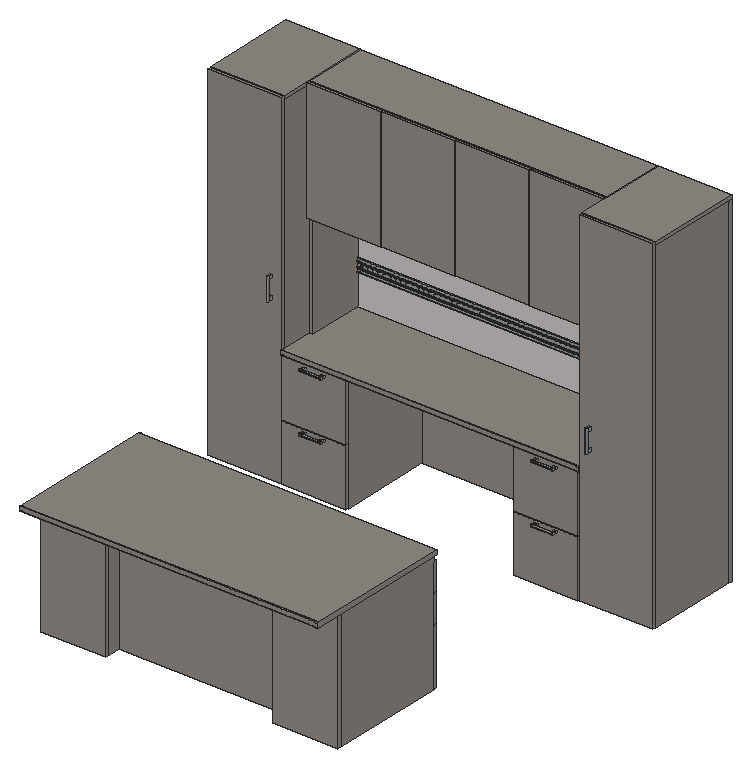
Revit family "JSI-Vision-Typical_Veneer-VSV104", category Furniture, Revit 2020
Family settings
  OmniClass Number = 23.40.20.00
  OmniClass Title = General Furniture and Specialties
  Work Plane-Based = No
  Always vertical = Yes
  Cut with Voids When Loaded = No
  Shared = No
  Room Calculation Point = No
Parameters (values of type "VST104")
  URL = "www.jsifurniture.com"
  Type Comments = "Typical Laminate"  # constant formula
  Model = "VST104"
  Manufacturer = "JSI"  # constant formula
  Keynote = "12500"
  Default Elevation = 0"
  Assembly Code = "E2020200"
Reference planes (in)
  plane 1 "Center Front/Back": y = 0
  plane 2: z = 0
  plane 3 "Center Left/Right": x = 0
Dimensions and locks (in)
  aligned and locked: level to plane 2
Nested families (in)
  nested 1: "JSI-Vision-Storage_Cabinet" at (89.875, 0, 0), type "VSV2418-84HR, Veneer 84" H Strg Cab24" x 18""
    with Width 17.88", Unit Centre 8.8775", Shelve Width 16.255", Actual Width 17.755"
  nested 2: "JSI-Vision-Double_Height_Overhead_Cabinets" at (17.875, 0, -0.81041), type "VSV1672DSO -  Veneer Dbl H OH Cabinet 16" x 72" -  4 Doors"
    with Verticall Partition Distance 35 3/4", Unit Centre 36", Width 72", Door Width Actual 17 25/32", Door Array Spacing 17 29/32", Door Width 17 25/32", # of Doors 4
  nested 3: "JSI-Vision-Accessory_Rail" at (17.9375, 0.22625, -4.56041), type "VSB72AR, Accessory Rail for 72" W Storage Overhead Cabinet"
    with Width 70 1/8"
  nested 4: "JSI-Vision-Tackboard_For_Accessory_Rail" at (17.9375, 0, -4.56041), type "VSB7223TKA, Tackboard for Accessory Rail Overhead Cabinet"
    with Width 70 1/8"
  nested 5: "JSI-Vision-Wardrobe" at (0, 0, 0), type "VSV2418-84WL - Wardrobe - 1 Doors 30"W x 24"D x 84"H"
    with Vertical Partition no, Width 18", Unit Centre 8 15/16", Shelve Width 7 13/16", Right surface Dist. to Vertical Partition 3/4", Right Door no, Pull Distance 15 1/4", Left Shelves no, Door Width 17 3/4", Bottom-Right Shelves yes, Actual Width 17 7/8"
  nested 6: "JSI-Vision-Kneespace_Credenza" at (17.875, -0.125, 0), type "VSV2472KC, Veneer Kneespace Credenza 24" x 72""
    with Height 29.187"
  nested 7: "JSI-Vision-Double_Pedestal_Desk-Break_Front_Modesty" at (53.81087, -92.15852, 0) x (-1, 0, 0) z (0, 0, 1), type "VSV3672DD, Veneer 36 x 72 Dbl Ped, Brk Frnt Modesty"
    with Height 30"
Definition of nested family "JSI-Vision-Storage_Cabinet"
  Parameters (values of type "Type Catalog")
    Top = none
    Width = 18"
    Unit Centre = Actual Width / 2  # 8 15/16"
    URL = "www.jsifurniture.com"
    Type Comments = ""
    Tag = "Type Catalog"
    Shelve Width = Actual Width - 1 1/2"  # 16 3/8"
    Shelve Depth = Actual Depth - 1 11/16"  # 21 5/16"
    Series = "Vision Casegoods"  # constant formula
    Pull Position = 36"
    Pull Finish = none
    Pull Distance = if(HRL, (Actual Width - 2 5/8"), 2 1/2")  # 2 1/2"
    Model = "Type Catalog"
    Material = ""
    Manufacturer = "JSI"  # constant formula
    Keynote = "12500"  # constant formula
    JSI Enviromental Website = "http://www.jsifurniture.com/jsi_sustainability_intro.php"
    Height = 84"
    HRL = no
    Fix Shelve = 14 3/4"  # constant formula
    Door Front = none
    Description = "Type Catalog"
    Depth = 24"
    Default Elevation = 0"
    Chassis = none
    Bottom Adjustable Shelve = Fix Shelve * 2  # 29 1/2"
    Assembly Code = "E2020200"
    Adjustable Shelves Array Distance = if(Height > 42", ((Height - 3 3/4" - (Fix Shelve * 2)) / (# of Adjustable Shelves)), 0")  # 12 11/16"
    Actual Width = Width - 1/8"  # 17 7/8"
    Actual Height = if(Height > 54", (Height - 5/16"), (if(Height > 42", (Height + 1 1/8"), if(Height > 30", (Height - 3/8"), (Height - 13/16")))))  # 83 11/16"
    Actual Depth = Depth - 1"  # 23"
    # of Adjustable Shelves = if(Height > 72", 4, (if(Height > 57", 3, 2)))  # 4
  Reference planes (in)
    plane 1 "Center Front/Back": y = 0
    plane 2: z = 0
    plane 3 "Center Left/Right": x = 0
    plane 4: z = 0
    plane 5: x = 17.875
    plane 6: y = -0.125
    plane 7: y = -23.125
    plane 8: z = 83.6875
    plane 9: y = -0.875
    plane 10: y = -22.9375
    plane 11: y = -22.1875
    plane 12: x = 0.75
    plane 13: x = 17.125
    plane 14: z = 1.1875
    plane 15: z = 1.9375
    plane 16: z = 82.9375
    plane 17: z = 83.3125
    plane 18: z = 17.0625
    plane 19: z = 32.5625
    plane 20: z = 42.625
    plane 21: z = 56.1875
    plane 22: z = 69.75
    plane 23: z = 70.125
    plane 24: z = 69.375
    plane 25: z = 56.5625
    plane 26: z = 55.8125
    plane 27: z = 43
    plane 28: z = 42.25
    plane 29: z = 32.9375
    plane 30: z = 32.1875
    plane 31: z = 17.4375
    plane 32: z = 16.6875
    plane 33: x = 8.9375
    plane 34: x = 0.0625
    plane 35: x = 17.8125
    plane 36: x = 9
    plane 37: x = 8.875
    plane 38: z = 1.03125
    plane 39: y = -23.25
    plane 40: y = -24
    plane 41: x = 2.5625
    plane 42: z = 30.9375
    plane 43: z = 83.625
    plane 44: z = 36
    plane 45: y = -23
  Forms (in)
    Extrusion 1, solid, material <- "Chassis"
      sketch origin (0, 0, 0) x (1, 0, 0) y (0, 1, 0)
        loop
          line (0, -0.125) -> (0, -0.875) -> (17.875, -0.875) -> (17.875, -0.125) -> (0, -0.125)
      from 0 to 82.9375
    Extrusion 2, solid, material <- "Chassis"
      sketch origin (0, 0, 0) x (1, 0, 0) y (0, 1, 0)
        loop
          line (0, -0.875) -> (0, -23.125) -> (0.75, -23.125) -> (0.75, -0.875) -> (0, -0.875)
      from 0 to 82.9375
    Extrusion 3, solid, material <- "Chassis"
      sketch origin (0, 0, 0) x (1, 0, 0) y (0, 1, 0)
        loop
          line (17.125, -0.875) -> (17.125, -23.125) -> (17.875, -23.125) -> (17.875, -0.875) -> (17.125, -0.875)
      from 0 to 82.9375
    Extrusion 4, solid, material <- "Top"
      sketch origin (0, 0, 0) x (0, 1, 0) y (0, 0, 1)
        loop
          line (-0.125, 83.6875) -> (-23.125, 83.6875) -> (-23.125, 82.9375) -> (-0.125, 82.9375) -> (-0.125, 83.6875)
      from 0 to 17.875
    Extrusion 5, solid, material <- "Chassis"
      sketch origin (0, 0, 0) x (0, 1, 0) y (0, 0, 1)
        loop
          line (-0.875, 1.9375) -> (-22.1875, 1.9375) -> (-22.1875, 1.1875) -> (-0.875, 1.1875) -> (-0.875, 1.9375)
      from 0.75 to 17.125
    Extrusion 6, solid, material <- "Chassis"
      sketch origin (0, 0, 0) x (0, 1, 0) y (0, 0, 1)
        loop
          line (-22.1875, 1.9375) -> (-22.9375, 1.9375) -> (-22.9375, 0) -> (-22.1875, 0) -> (-22.1875, 1.9375)
      from 0.75 to 17.125
    Extrusion 7, solid, material <- "Chassis"
      sketch origin (0, 0, 0) x (1, 0, 0) y (0, 0, 1)
        loop
          line (0.75, 17.4375) -> (0.75, 16.6875) -> (17.125, 16.6875) -> (17.125, 17.4375) -> (0.75, 17.4375)
      from 0.875 to 22.1875
    Extrusion 8, solid, material <- "Chassis"
      sketch origin (-30, -7.5625, 2) x (1, 0, 0) y (0, 0, 1)
        loop
          line (30.75, 29.4375) -> (30.75, 28.6875) -> (47.125, 28.6875) -> (47.125, 29.4375) -> (30.75, 29.4375)
      from -6.6875 to 14.625
    Extrusion 9, solid, material <- "Chassis"
      sketch origin (-30, -7.5625, 14.6875) x (1, 0, 0) y (0, 0, 1)
        loop
          line (30.75, 29.4375) -> (30.75, 28.6875) -> (47.125, 28.6875) -> (47.125, 29.4375) -> (30.75, 29.4375)
      from -6.6875 to 14.625
    Extrusion 10, solid, material <- "Door Front"
      sketch origin (0, 0, 0) x (1, 0, 0) y (0, 1, 0)
        loop
          line (0.0625, -23.25) -> (0.0625, -24) -> (17.8125, -24) -> (17.8125, -23.25) -> (0.0625, -23.25)
      from 0.125 to 83.625
    Extrusion 11, solid, material <- "Chassis"
      sketch origin (-30, -7.5625, 27.375) x (1, 0, 0) y (0, 0, 1)
        loop
          line (30.75, 29.4375) -> (30.75, 28.6875) -> (47.125, 28.6875) -> (47.125, 29.4375) -> (30.75, 29.4375)
      from -6.6875 to 14.625
    Extrusion 12, solid, material <- "Chassis"
      sketch origin (-30, -7.5625, 40.0625) x (1, 0, 0) y (0, 0, 1)
        loop
          line (30.75, 29.4375) -> (30.75, 28.6875) -> (47.125, 28.6875) -> (47.125, 29.4375) -> (30.75, 29.4375)
      from -6.6875 to 14.625
  Lines and regions (in)
    symbolic lines
      curve 1: line (17.875, -0.125, 0) -> (0, -0.125, 0)
      curve 2: line (0, -0.125, 0) -> (0, -23.125, 0)
      curve 3: line (0, -23.125, 0) -> (17.875, -23.125, 0)
      curve 4: line (17.875, -23.125, 0) -> (17.875, -0.125, 0)
      curve 5: line (17.8125, -24, 0) -> (17.8125, -23.25, 0)
      curve 6: line (17.8125, -23.25, 0) -> (0.0625, -23.25, 0)
      curve 7: line (0.0625, -24, 0) -> (17.8125, -24, 0)
      curve 8: line (0.0625, -23.25, 0) -> (0.0625, -24, 0)
  Dimensions and locks (in)
    locked: plane 6 to plane 1 "Center Front/Back" at 0.125
    plane 7 to plane 10 to plane 11 = 3/16" locked, 3/4" locked
    locked: plane 3 "Center Left/Right" to plane 12 at 0.75
    locked: plane 13 to plane 5 at 0.75
    plane 15 to plane 14 to plane 4 = 3/4" locked, 1 3/16" locked
    locked: plane 8 to plane 16 at 0.75
    locked: plane 17 to plane 16 at 0.375
    plane 23 to plane 22 to plane 24 = 3/8" locked, 3/8" locked
    plane 25 to plane 21 to plane 26 = 3/8" locked, 3/8" locked
    plane 27 to plane 20 to plane 28 = 3/8" locked, 3/8" locked
    plane 29 to plane 19 to plane 30 = 3/8" locked, 3/8" locked
    plane 31 to plane 18 to plane 32 = 3/8" locked, 3/8" locked
    "Fix Shelve": plane 32 to plane 15
    equal spacing: plane 30, plane 18, plane 15
    "Actual Width": plane 3 "Center Left/Right" to plane 5
    equal spacing: group 1, group 2, group 3, group 4  (x3)
    "Adjustable Shelves Array Distance": Extrusion 9 to Extrusion 8
    "Bottom Adjustable Shelve": Extrusion 8 to plane 15
    "Shelve Width": Extrusion 8 sketch curve to Extrusion 8 sketch curve
    "Shelve Width": Extrusion 9 sketch curve to Extrusion 9 sketch curve
    "Unit Centre": plane 3 "Center Left/Right" to plane 33
    "Actual Height": plane 8 to plane 4
    locked: plane 3 "Center Left/Right" to plane 34 at 0.0625
    plane 37 to plane 33 to plane 36 = 1/16" locked, 1/16" locked
    locked: plane 35 to plane 5 at 0.0625
    locked: plane 14 to plane 38 at 0.15625
    plane 40 to plane 39 to plane 7 = 3/4" locked, 1/8" locked
    locked: plane 29 to plane 42 at 2
    locked: plane 8 to plane 43 at 0.0625
    "Pull Position": plane 44 to level
    "Pull Distance": plane 34 to plane 41
    "Shelve Depth": Extrusion 8 to Extrusion 8
    "Actual Depth": plane 7 to plane 6
    "Shelve Depth": Extrusion 9 to Extrusion 9
    "Shelve Width": Extrusion 11 sketch curve to Extrusion 11 sketch curve
    "Shelve Depth": Extrusion 11 to Extrusion 11
    "Shelve Width": Extrusion 12 sketch curve to Extrusion 12 sketch curve
    "Shelve Depth": Extrusion 12 to Extrusion 12
    locked: plane 4 to Extrusion 10 at 0.125
    aligned and locked: level to plane 2
    aligned and locked: plane 6 to Extrusion 1 sketch curve
    aligned and locked: Extrusion 1 sketch curve to plane 9
    aligned and locked: Extrusion 1 sketch curve to plane 5
    aligned and locked: plane 3 "Center Left/Right" to Extrusion 1 sketch curve
    aligned and locked: Extrusion 1 to plane 4
    aligned and locked: plane 16 to Extrusion 1
    aligned and locked: plane 3 "Center Left/Right" to Extrusion 2 sketch curve
    aligned and locked: Extrusion 2 sketch curve to plane 12
    aligned and locked: Extrusion 2 sketch curve to plane 7
    aligned and locked: plane 9 to Extrusion 2 sketch curve
    aligned and locked: plane 13 to Extrusion 3 sketch curve
    aligned and locked: Extrusion 3 sketch curve to plane 5
    aligned and locked: Extrusion 3 sketch curve to plane 7
    aligned and locked: plane 9 to Extrusion 3 sketch curve
    aligned and locked: Extrusion 2 to plane 4
    aligned and locked: Extrusion 3 to plane 4
    aligned and locked: plane 16 to Extrusion 2
    aligned and locked: plane 16 to Extrusion 3
    aligned and locked: plane 16 to Extrusion 4 sketch curve
    aligned and locked: Extrusion 4 sketch curve to plane 8
    aligned and locked: plane 6 to Extrusion 4 sketch curve
    aligned and locked: Extrusion 4 sketch curve to plane 7
    aligned and locked: Extrusion 4 to plane 3 "Center Left/Right"
    aligned and locked: plane 5 to Extrusion 4
    aligned and locked: Extrusion 5 sketch curve to plane 11
    aligned and locked: plane 14 to Extrusion 5 sketch curve
    aligned and locked: Extrusion 5 sketch curve to plane 15
    aligned and locked: plane 9 to Extrusion 5 sketch curve
    aligned and locked: Extrusion 5 to plane 12
    aligned and locked: plane 13 to Extrusion 5
    aligned and locked: plane 11 to Extrusion 6 sketch curve
    aligned and locked: Extrusion 6 sketch curve to plane 10
    aligned and locked: plane 4 to Extrusion 6 sketch curve
    aligned and locked: Extrusion 6 sketch curve to plane 15
    aligned and locked: Extrusion 6 to plane 12
    aligned and locked: plane 13 to Extrusion 6
    aligned and locked: level to plane 4
    aligned and locked: Extrusion 7 sketch curve to plane 31
    aligned and locked: plane 32 to Extrusion 7 sketch curve
    aligned and locked: Extrusion 7 sketch curve to plane 13
    aligned and locked: plane 12 to Extrusion 7 sketch curve
    aligned and locked: Extrusion 7 to plane 9
    aligned and locked: plane 11 to Extrusion 7
    aligned and locked: Extrusion 8 to plane 12
    aligned and locked: Extrusion 9 to plane 12
    aligned and locked: plane 33 to nested 1
    aligned and locked: plane 40 to nested 1
    aligned and locked: plane 39 to Extrusion 10 sketch curve
    aligned and locked: Extrusion 10 sketch curve to plane 40
    aligned and locked: plane 34 to Extrusion 10 sketch curve
    aligned and locked: plane 35 to Extrusion 10
    aligned and locked: plane 43 to Extrusion 10
    aligned and locked: plane 44 to nested 2
    aligned and locked: plane 41 to nested 2
    aligned and locked: plane 40 to nested 2
    aligned and locked: plane 11 to Extrusion 8
    aligned and locked: plane 11 to Extrusion 9
    aligned and locked: curve 1 to Extrusion 4
    aligned and locked: curve 2 to Extrusion 4
    aligned and locked: curve 3 to Extrusion 4
    aligned and locked: curve 4 to Extrusion 4
    aligned and locked: curve 5 to Extrusion 10
    aligned and locked: curve 6 to Extrusion 10
    aligned and locked: curve 7 to Extrusion 10
    aligned and locked: curve 8 to Extrusion 10
  Automatic sketch dimensions
    Extrusion 8 sketch curve to Extrusion 8 sketch curve = 3/4"
    Extrusion 9 sketch curve to Extrusion 9 sketch curve = 3/4"
    plane 37 to Extrusion 10 sketch curve = 8 15/16"
    Extrusion 11 sketch curve to Extrusion 11 sketch curve = 3/4"
    Extrusion 12 sketch curve to Extrusion 12 sketch curve = 3/4"
  Nested families (in)
    nested 1: "Label 1-16 OH" at (8.9375, -24, 0), type "OH DOORS"
    nested 2: "Vertical Bar Pull" at (2.5625, -24, 36), Pull Finish <- "Pull Finish", type "PL"
      with Pull Finish none
  Definition of nested family "Vertical Bar Pull"
    Parameters
      Pull Finish [instance] = none
      Default Elevation = 0"
    Reference planes (in)
      plane 1 "Center Front/Back": y = 0
      plane 2: z = 0
      plane 3 "Center Left/Right": x = 0
      plane 4: x = -2.68731
      plane 5: x = -1.88731
      plane 6: x = 2.68731
      plane 7: x = 1.88731
      plane 8: y = -1
      plane 9: y = -0.85202
      plane 10: z = 2.68731
      plane 11: z = 1.88731
      plane 12: z = -1.88731
      plane 13: z = -2.68731
    Forms (in)
      Extrusion 1, solid, material <- "Pull Finish"
        sketch origin (0, 0, 0) x (0, 1, 0) y (-1, 0, 0)
          loop
            line (0, -0.2015) -> (0, 0.2015) -> (-0.85202, 0.2015)
            arc (-0.85202, 0.2015) -> (-0.75, 0) -> (-0.85202, -0.2015) r 0.25
            line (-0.85202, -0.2015) -> (0, -0.2015)
        from 1.88731 to 2.68731
      Extrusion 2, solid, material <- "Pull Finish"
        sketch origin (0, 0, 0) x (0, 1, 0) y (-1, 0, 0)
          loop
            circle (-1, 0) r 0.25
        from -2.68731 to 2.68731
      Extrusion 3, solid, material <- "Pull Finish"
        sketch origin (0, 0, 0) x (1, 0, 0) y (0, 1, 0)
          loop
            line (0.2015, 0) -> (-0.2015, 0) -> (-0.2015, -0.85202)
            arc (-0.2015, -0.85202) -> (0, -0.75) -> (0.2015, -0.85202) r 0.25
            line (0.2015, -0.85202) -> (0.2015, 0)
        from 1.88731 to 2.68731
      Extrusion 4, solid, material <- "Pull Finish"
        sketch origin (0, 0, -4.57462) x (1, 0, 0) y (0, 1, 0)
          loop
            line (0.2015, 0) -> (-0.2015, 0) -> (-0.2015, -0.85202)
            arc (-0.2015, -0.85202) -> (0, -0.75) -> (0.2015, -0.85202) r 0.25
            line (0.2015, -0.85202) -> (0.2015, 0)
        from 1.88731 to 2.68731
    Dimensions and locks (in)
      plane 4 to plane 5 to plane 3 "Center Left/Right" to plane 7 to plane 6 = 0.8" locked, 1.88731" locked, 1.88731" locked, 0.8" locked
      plane 8 to plane 9 to plane 1 "Center Front/Back" = 0.14798" locked, 0.85202" locked
      plane 13 to plane 12 to plane 2 to plane 11 to plane 10 = 0.8" locked, 1.88731" locked, 1.88731" locked, 0.8" locked
      plane 1 "Center Front/Back" to plane 9 to plane 8 = 0.85202" locked, 0.14798" locked
      aligned and locked: level to plane 2
      aligned and locked: plane 8 to Extrusion 2 sketch curve
      aligned and locked: Extrusion 3 to plane 1 "Center Front/Back"
      aligned and locked: Extrusion 1 to plane 1 "Center Front/Back"
      aligned and locked: Extrusion 4 to plane 1 "Center Front/Back"
      aligned and locked: Extrusion 3 to plane 10
      aligned and locked: Extrusion 3 to plane 11
      aligned and locked: Extrusion 2 to plane 10
      aligned and locked: Extrusion 2 to plane 13
      aligned and locked: Extrusion 4 to plane 13
      aligned and locked: Extrusion 4 to plane 12
      aligned and locked: plane 1 "Center Front/Back" to Extrusion 4
      aligned and locked: plane 1 "Center Front/Back" to Extrusion 3
      aligned and locked: Extrusion 4 to plane 9
      aligned and locked: Extrusion 3 to plane 9
  Definition of nested family "Label 1-16 OH"
    Parameters
      Width = 1"
      Model Name = "1 Door R"
    Reference planes (in)
      plane 1: y = 0
      plane 2: x = 0
    Text (in)
      label "XX" at (0.00051, -0.12324, 0), shows "Model Name"
Definition of nested family "JSI-Vision-Double_Height_Overhead_Cabinets"
  Parameters (values of type "Double Height Overhead Cabbinet - Type Catalog Family")
    Verticall Partition Distance = (Door Width * 2) + 3/16"  # 29 13/16"
    Unit Centre = Width / 2  # 45"
    Top = none
    Width = 90"
    URL = "www.jsifurniture.com"
    Type Comments = ""
    Tag = "6 Doors"
    Series = "Vision Casegoods"  # constant formula
    Right Vertical Partition = yes
    Overhead Height = 26 1/2"
    Model = "Type Catalog"
    Material = ""
    Manufacturer = "JSI"  # constant formula
    Left Vertical Partition = yes
    Keynote = "12500"  # constant formula
    JSI Enviromental Website = "http://www.jsifurniture.com/jsi_sustainability_intro.php"
    Height = 54"
    Grommet Finish = none
    Gromett Height = 24 5/8"
    Door Width Actual = if(# of Doors > 4, ((Width - 1 1/8") / # of Doors), if(# of Doors > 3, (((Width - 1 1/8") / # of Doors) + 1/16"), if(# of Doors > 2, (((Width - 1 1/8") / # of Doors) + 1/8"), (((Width - 1 1/8") / # of Doors) + 1/4"))))  # 14 13/16"
    Door Array Spacing = Door Width + 1/8"  # 14 15/16"
    Door Width = Door Width Actual  # 14 13/16"
    Door Front = none
    Description = "Type Catalog"
    Depth = 16"
    Default Elevation = 0"
    Chassis = none
    Assembly Code = "E2020200"
    # of Doors = if(Width > 89", 6, (if(Width > 53", 4, (if(Width > 41", 3, (if(Width > 30", 2, 2)))))))  # 6
  Reference planes (in)
    plane 1 "Center Front/Back": y = 0
    plane 2: z = 30
    plane 3 "Center Left/Right": x = 0
    plane 4: z = 0
    plane 5: y = -0.125
    plane 6: x = 90
    plane 7: x = 0.125
    plane 8: x = 89.875
    plane 9: y = -15.5625
    plane 10: y = -16
    plane 11: z = 84.5
    plane 12: z = 84
    plane 13: x = 0.875
    plane 14: x = 89.125
    plane 15: y = -0.875
    plane 16: y = -0.9375
    plane 17: y = -1.6875
    plane 18: z = 83.75
    plane 19: z = 56.5
    plane 20: z = 57.25
    plane 21: z = 55
    plane 22: y = -14.8125
    plane 23: y = -14.0625
    plane 24: z = 70.5
    plane 25: z = 70.875
    plane 26: z = 70.125
    plane 27: x = 0.25
    plane 28: x = 89.75
    plane 29: z = 84.4375
    plane 30: z = 55.1875
    plane 31: y = -15.6875
    plane 32: y = -16.4375
    plane 33: x = 18.0625
    plane 34: x = 18.1875
    plane 35: x = 18.125
    plane 36: x = 45
    plane 37: x = 30.0625
    plane 38: x = 59.9375
    plane 39: x = 29.6875
    plane 40: x = 30.4375
    plane 41: x = 59.5625
    plane 42: x = 60.3125
    plane 43 "Not a Reference": x = 6.875
    plane 44: x = 83.125
  Forms (in)
    Extrusion 1, solid, material <- "Chassis"
      sketch origin (0, 0, 0) x (1, 0, 0) y (0, 1, 0)
        loop
          line (0.125, -0.125) -> (0.125, -15.5625) -> (0.875, -15.5625) -> (0.875, -0.125) -> (0.125, -0.125)
      from 30 to 83.75
    Extrusion 2, solid, material <- "Chassis"
      sketch origin (0, 0, 0) x (1, 0, 0) y (0, 1, 0)
        loop
          line (89.875, -0.125) -> (89.125, -0.125) -> (89.125, -15.5625) -> (89.875, -15.5625) -> (89.875, -0.125)
      from 30 to 83.75
    Extrusion 3, solid, material <- "Top"
      sketch origin (0, 0, 30) x (1, 0, 0) y (0, 0, 1)
        loop
          line (0.125, 54.5) -> (0.125, 53.75) -> (89.875, 53.75) -> (89.875, 54.5) -> (0.125, 54.5)
      from 0.125 to 15.5625
    Extrusion 4, solid, material <- "Chassis"
      sketch origin (0, 0, 30) x (1, 0, 0) y (0, 0, 1)
        loop
          line (0.875, 27.25) -> (0.875, 26.5) -> (89.125, 26.5) -> (89.125, 27.25) -> (0.875, 27.25)
      from 1.6875 to 15.5625
    Extrusion 5, solid, material <- "Chassis"
      sketch origin (0, 0, 0) x (1, 0, 0) y (0, 1, 0)
        loop
          line (0.875, -14.0625) -> (0.875, -14.8125) -> (89.125, -14.8125) -> (89.125, -14.0625) -> (0.875, -14.0625)
      from 55 to 56.5
    Extrusion 6, solid, material <- "Chassis"
      sketch origin (0, 0, 30) x (1, 0, 0) y (0, 0, 1)
        loop
          line (0.875, 40.875) -> (0.875, 40.125) -> (89.125, 40.125) -> (89.125, 40.875) -> (0.875, 40.875)
      from 1.6875 to 15.5625
    Extrusion 7, solid, material <- "Door Front"
      sketch origin (-3, 0, 30) x (1, 0, 0) y (0, 1, 0)
        loop
          line (3.25, -15.6875) -> (3.25, -16.4375) -> (18.0625, -16.4375) -> (18.0625, -15.6875) -> (3.25, -15.6875)
      from 25.1875 to 54.4375
    Extrusion 8, solid, material <- "Door Front"
      sketch origin (11.9375, 0, 30) x (1, 0, 0) y (0, 1, 0)
        loop
          line (3.25, -15.6875) -> (3.25, -16.4375) -> (18.0625, -16.4375) -> (18.0625, -15.6875) -> (3.25, -15.6875)
      from 25.1875 to 54.4375
    Extrusion 9, solid, material <- "Chassis", visible <- "Left Vertical Partition"
      sketch origin (0, 0, 0) x (1, 0, 0) y (0, 1, 0)
        loop
          line (29.6875, -1.6875) -> (29.6875, -15.5625) -> (30.4375, -15.5625) -> (30.4375, -1.6875) -> (29.6875, -1.6875)
      from 57.25 to 83.75
    Extrusion 10, solid, material <- "Chassis", visible <- "Right Vertical Partition"
      sketch origin (0, 0, 0) x (1, 0, 0) y (0, 1, 0)
        loop
          line (59.5625, -1.6875) -> (59.5625, -15.5625) -> (60.3125, -15.5625) -> (60.3125, -1.6875) -> (59.5625, -1.6875)
      from 57.25 to 83.75
    Extrusion 11, solid, material <- "Chassis"
      sketch origin (130.61992, -0.9375, 78) x (1, 0, 0) y (0, 0, 1)
        loop
          line (-129.74492, 5.75) -> (-129.74492, -48) -> (-41.49492, -48) -> (-41.49492, 5.75) -> (-129.74492, 5.75)
        loop
          circle (-117.11978, -22.09427) r 0.33594
        loop
          circle (-54.12006, -22.09427) r 0.33594
      from 0 to 0.75
    Extrusion 12, solid, material <- "Door Front"
      sketch origin (26.875, 0, 30) x (1, 0, 0) y (0, 1, 0)
        loop
          line (3.25, -15.6875) -> (3.25, -16.4375) -> (18.0625, -16.4375) -> (18.0625, -15.6875) -> (3.25, -15.6875)
      from 25.1875 to 54.4375
    Extrusion 13, solid, material <- "Door Front"
      sketch origin (41.8125, 0, 30) x (1, 0, 0) y (0, 1, 0)
        loop
          line (3.25, -15.6875) -> (3.25, -16.4375) -> (18.0625, -16.4375) -> (18.0625, -15.6875) -> (3.25, -15.6875)
      from 25.1875 to 54.4375
    Extrusion 14, solid, material <- "Door Front"
      sketch origin (56.75, 0, 30) x (1, 0, 0) y (0, 1, 0)
        loop
          line (3.25, -15.6875) -> (3.25, -16.4375) -> (18.0625, -16.4375) -> (18.0625, -15.6875) -> (3.25, -15.6875)
      from 25.1875 to 54.4375
    Extrusion 15, solid, material <- "Door Front"
      sketch origin (71.6875, 0, 30) x (1, 0, 0) y (0, 1, 0)
        loop
          line (3.25, -15.6875) -> (3.25, -16.4375) -> (18.0625, -16.4375) -> (18.0625, -15.6875) -> (3.25, -15.6875)
      from 25.1875 to 54.4375
  Lines and regions (in)
    symbolic lines
      curve 1: line (0.125, -0.125, 0) -> (0.125, -15.5625, 0)
      curve 2: line (0.125, -15.5625, 0) -> (89.875, -15.5625, 0)
      curve 3: line (89.875, -15.5625, 0) -> (89.875, -0.125, 0)
      curve 4: line (89.875, -0.125, 0) -> (0.125, -0.125, 0)
      curve 5: line (0.25, -15.6875, 0) -> (15.0625, -15.6875, 0)
      curve 6: line (0.25, -16.4375, 0) -> (0.25, -15.6875, 0)
      curve 7: line (15.0625, -16.4375, 0) -> (0.25, -16.4375, 0)
      curve 8: line (15.0625, -15.6875, 0) -> (15.0625, -16.4375, 0)
      curve 9: line (15.1875, -15.6875, 0) -> (30, -15.6875, 0)
      curve 10: line (15.1875, -16.4375, 0) -> (15.1875, -15.6875, 0)
      curve 11: line (30, -16.4375, 0) -> (15.1875, -16.4375, 0)
      curve 12: line (30, -15.6875, 0) -> (30, -16.4375, 0)
      curve 13: line (30.125, -15.6875, 0) -> (44.9375, -15.6875, 0)
      curve 14: line (30.125, -16.4375, 0) -> (30.125, -15.6875, 0)
      curve 15: line (44.9375, -16.4375, 0) -> (30.125, -16.4375, 0)
      curve 16: line (44.9375, -15.6875, 0) -> (44.9375, -16.4375, 0)
      curve 17: line (45.0625, -15.6875, 0) -> (59.875, -15.6875, 0)
      curve 18: line (45.0625, -16.4375, 0) -> (45.0625, -15.6875, 0)
      curve 19: line (59.875, -16.4375, 0) -> (45.0625, -16.4375, 0)
      curve 20: line (59.875, -15.6875, 0) -> (59.875, -16.4375, 0)
      curve 21: line (60, -15.6875, 0) -> (74.8125, -15.6875, 0)
      curve 22: line (60, -16.4375, 0) -> (60, -15.6875, 0)
      curve 23: line (74.8125, -16.4375, 0) -> (60, -16.4375, 0)
      curve 24: line (74.8125, -15.6875, 0) -> (74.8125, -16.4375, 0)
      curve 25: line (74.9375, -15.6875, 0) -> (89.75, -15.6875, 0)
      curve 26: line (74.9375, -16.4375, 0) -> (74.9375, -15.6875, 0)
      curve 27: line (89.75, -16.4375, 0) -> (74.9375, -16.4375, 0)
      curve 28: line (89.75, -15.6875, 0) -> (89.75, -16.4375, 0)
  Dimensions and locks (in)
    plane 3 "Center Left/Right" to plane 7 to plane 27 = 1/8" locked, 1/8" locked
    plane 28 to plane 8 to plane 6 = 1/8" locked, 1/8" locked
    locked: plane 5 to plane 1 "Center Front/Back" at 0.125
    plane 10 to plane 9 to plane 22 to plane 23 = 7/16" locked, 3/4" locked, 3/4" locked
    "Width": plane 3 "Center Left/Right" to plane 6
    "Depth": plane 10 to plane 1 "Center Front/Back"
    locked: plane 11 to plane 12 at 0.5
    locked: plane 7 to plane 13 at 0.75
    locked: plane 14 to plane 8 at 0.75
    locked: plane 15 to plane 5 at 0.75
    plane 17 to plane 16 to plane 5 = 3/4" locked, 13/16" locked
    locked: plane 11 to plane 18 at 0.75
    plane 20 to plane 19 to plane 21 = 3/4" locked, 1 1/2" locked
    equal spacing: plane 18, plane 24, plane 20
    plane 25 to plane 24 to plane 26 = 3/8" locked, 3/8" locked
    locked: plane 11 to plane 29 at 0.0625
    locked: plane 30 to plane 21 at 0.1875
    plane 32 to plane 31 to plane 9 = 3/4" locked, 1/8" locked
    plane 33 to plane 35 to plane 34 = 1/16" locked, 1/16" locked
    "Door Width": Extrusion 7 sketch curve to Extrusion 7 sketch curve
    "Door Width": Extrusion 8 sketch curve to Extrusion 8 sketch curve
    equal spacing: group 1, group 2, group 3, group 4, group 5, group 6  (x3)
    "Door Array Spacing": Extrusion 7 to Extrusion 8
    "Verticall Partition Distance": plane 27 to plane 37
    plane 39 to plane 37 to plane 40 = 3/8" locked, 3/8" locked
    plane 41 to plane 38 to plane 42 = 3/8" locked, 3/8" locked
    "Verticall Partition Distance": plane 38 to plane 28
    "Unit Centre": plane 3 "Center Left/Right" to plane 36
    locked: plane 13 to plane 43 "Not a Reference" at 6
    locked: plane 44 to plane 14 at 6
    locked: plane 12 to plane 2 at 54
    "Overhead Height": plane 19 to plane 2
    plane 2 to level = 30"
    "Door Width": Extrusion 12 sketch curve to Extrusion 12 sketch curve
    "Door Width": Extrusion 13 sketch curve to Extrusion 13 sketch curve
    "Door Width": Extrusion 14 sketch curve to Extrusion 14 sketch curve
    "Door Width": Extrusion 15 sketch curve to Extrusion 15 sketch curve
    locked: Extrusion 11 sketch curve to Extrusion 11 sketch curve at 12.62514  (x2)
    locked: Extrusion 11 sketch curve to Extrusion 11 sketch curve at 27.84427  (x2)
    aligned and locked: plane 5 to Extrusion 1 sketch curve
    aligned and locked: plane 7 to Extrusion 1 sketch curve
    aligned and locked: Extrusion 1 sketch curve to plane 13
    aligned and locked: Extrusion 2 sketch curve to plane 5
    aligned and locked: plane 8 to Extrusion 2 sketch curve
    aligned and locked: Extrusion 2 sketch curve to plane 14
    aligned and locked: Extrusion 3 sketch curve to plane 11
    aligned and locked: plane 7 to Extrusion 3 sketch curve
    aligned and locked: Extrusion 3 to plane 5
    aligned and locked: plane 9 to Extrusion 1
    aligned and locked: plane 9 to Extrusion 2
    aligned and locked: plane 9 to Extrusion 3
    aligned and locked: Extrusion 4 sketch curve to plane 20
    aligned and locked: plane 13 to Extrusion 4 sketch curve
    aligned and locked: plane 19 to Extrusion 4 sketch curve
    aligned and locked: Extrusion 4 sketch curve to plane 14
    aligned and locked: Extrusion 4 to plane 17
    aligned and locked: plane 9 to Extrusion 4
    aligned and locked: plane 23 to Extrusion 5 sketch curve
    aligned and locked: plane 13 to Extrusion 5 sketch curve
    aligned and locked: Extrusion 5 sketch curve to plane 22
    aligned and locked: Extrusion 5 sketch curve to plane 14
    aligned and locked: plane 19 to Extrusion 5
    aligned and locked: Extrusion 5 to plane 21
    aligned and locked: Extrusion 6 sketch curve to plane 25
    aligned and locked: plane 13 to Extrusion 6 sketch curve
    aligned and locked: plane 26 to Extrusion 6 sketch curve
    aligned and locked: Extrusion 6 sketch curve to plane 14
    aligned and locked: Extrusion 6 to plane 17
    aligned and locked: plane 9 to Extrusion 6
    aligned and locked: plane 29 to Extrusion 7
    aligned and locked: Extrusion 7 to plane 30
    aligned and locked: Extrusion 7 to plane 27
    aligned and locked: plane 17 to Extrusion 9 sketch curve
    aligned and locked: plane 39 to Extrusion 9 sketch curve
    aligned and locked: Extrusion 9 sketch curve to plane 9
    aligned and locked: Extrusion 9 sketch curve to plane 40
    aligned and locked: plane 17 to Extrusion 10 sketch curve
    aligned and locked: plane 41 to Extrusion 10 sketch curve
    aligned and locked: Extrusion 10 sketch curve to plane 9
    aligned and locked: Extrusion 10 sketch curve to plane 42
    aligned and locked: plane 18 to Extrusion 9
    aligned and locked: Extrusion 9 to plane 20
    aligned and locked: plane 18 to Extrusion 10
    aligned and locked: Extrusion 10 to plane 20
    aligned and locked: Extrusion 1 to Extrusion 11 sketch curve
    aligned and locked: Extrusion 11 sketch curve to Extrusion 2
    aligned and locked: Extrusion 11 to plane 16
    aligned and locked: plane 17 to Extrusion 11
    aligned and locked: plane 36 to nested 1
    aligned and locked: plane 32 to nested 1
    aligned and locked: plane 18 to Extrusion 1
    aligned and locked: plane 18 to Extrusion 2
    aligned and locked: plane 29 to Extrusion 8
    aligned and locked: curve 5 to Extrusion 7
    aligned and locked: curve 6 to Extrusion 7
    aligned and locked: curve 7 to Extrusion 7
    aligned and locked: curve 8 to Extrusion 7
    aligned and locked: curve 9 to Extrusion 8
    aligned and locked: curve 10 to Extrusion 8
    aligned and locked: curve 11 to Extrusion 8
    aligned and locked: curve 12 to Extrusion 8
    aligned and locked: Extrusion 11 to plane 2
    aligned and locked: plane 18 to Extrusion 11
    aligned and locked: curve 13 to Extrusion 12
    aligned and locked: curve 14 to Extrusion 12
    aligned and locked: curve 15 to Extrusion 12
    aligned and locked: curve 16 to Extrusion 12
    aligned and locked: curve 17 to Extrusion 13
    aligned and locked: curve 18 to Extrusion 13
    aligned and locked: curve 19 to Extrusion 13
    aligned and locked: curve 20 to Extrusion 13
    aligned and locked: curve 21 to Extrusion 14
    aligned and locked: curve 22 to Extrusion 14
    aligned and locked: curve 23 to Extrusion 14
    aligned and locked: curve 24 to Extrusion 14
    aligned and locked: curve 25 to Extrusion 15
    aligned and locked: curve 26 to Extrusion 15
    aligned and locked: curve 27 to Extrusion 15
    aligned and locked: curve 28 to Extrusion 15
  Automatic sketch dimensions
    Extrusion 1 sketch curve to plane 10 = 7/16"
    Extrusion 3 sketch curve to plane 8 = 0"
    Extrusion 3 sketch curve to plane 18 = 0"
    plane 9 to Extrusion 2 sketch curve = 0"
    Extrusion 7 sketch curve to Extrusion 7 sketch curve = 3/4"
    Extrusion 8 sketch curve to Extrusion 8 sketch curve = 3/4"
    curve 1 to plane 7 = 0"
    plane 5 to curve 3 = 0"
    curve 4 to plane 8 = 0"
    plane 9 to curve 1 = 0"
    curve 6 to curve 7 = 14 13/16"
    curve 6 to curve 6 = 3/4"
    curve 10 to curve 11 = 14 13/16"
    curve 10 to curve 10 = 3/4"
    Extrusion 12 sketch curve to Extrusion 12 sketch curve = 3/4"
    curve 14 to curve 15 = 14 13/16"
    curve 14 to curve 14 = 3/4"
    Extrusion 13 sketch curve to Extrusion 13 sketch curve = 3/4"
    curve 18 to curve 19 = 14 13/16"
    curve 18 to curve 18 = 3/4"
    Extrusion 14 sketch curve to Extrusion 14 sketch curve = 3/4"
    curve 22 to curve 23 = 14 13/16"
    curve 22 to curve 22 = 3/4"
    Extrusion 15 sketch curve to Extrusion 15 sketch curve = 3/4"
    curve 26 to curve 27 = 14 13/16"
    curve 26 to curve 26 = 3/4"
    Extrusion 11 sketch curve to plane 2 = 0"
    Extrusion 11 sketch curve to plane 18 = 0"
    radius of Extrusion 11 sketch curve = 43/128"  (x2)
  Nested families (in)
    nested 1: "Label 1-16 OH" at (45, -16.4375, 0), type "OH DOORS"
  Definition of nested family "Label 1-16 OH"
    Parameters
      Width = 1"
      Model Name = "XX"
    Reference planes (in)
      plane 1: y = 0
      plane 2: x = 0
    Text (in)
      label "XX" at (0.00051, -0.12324, 0), shows "Model Name"
Definition of nested family "JSI-Vision-Accessory_Rail"
  Parameters (values of type "Accessory Rail - Type Catalog Family")
    Width = 28 1/8"
    URL = "www.jsifurniture.com"
    Type Comments = ""
    Series = "Vision Casegoods"  # constant formula
    Tray Finish = none
    Model = "Type Catalog"
    Material = ""
    Manufacturer = "JSI"  # constant formula
    Keynote = "12500"  # constant formula
    JSI Enviromental Website = "http://www.jsifurniture.com/jsi_sustainability_intro.php"
    Height = 3 1/4"
    Description = "Type Catalog"
    Depth = 0.765"
    Default Elevation = 0"
    Assembly Code = "E2020200"
  Reference planes (in)
    plane 1 "Center Front/Back": y = 0
    plane 2: z = 0
    plane 3 "Center Left/Right": x = 0
    plane 4: z = 0
    plane 5: x = 29.0625
    plane 6: y = -1.6875
    plane 7: x = 0.9375
    plane 8: x = 30
    plane 9: y = -2.515
    plane 10: z = 41.25
  Forms (in)
    Extrusion 1, solid, material <- "Tray Finish"
      sketch origin (0, -3.70702, 41.25) x (0, 1, 0) y (0, 0, 1)
        loop
          arc (1.89452, 0) -> (1.98291, 0.03661) -> (2.01952, 0.125) r 0.125
          line (2.01952, 0.125) -> (2.01952, 0.71892)
          arc (2.01952, 0.71892) -> (2.01037, 0.74102) -> (1.98827, 0.75017) r 0.03125
          line (1.98827, 0.75017) -> (1.86277, 0.75017)
          arc (1.86277, 0.75017) -> (1.83152, 0.71892) -> (1.86277, 0.68767) r 0.03125
          line (1.86277, 0.68767) -> (1.95702, 0.68767) -> (1.95702, 0.43142) -> (1.63702, 0.43142) -> (1.63702, 1.43892) -> (1.95702, 1.43892) -> (1.95702, 1.18267) -> (1.86277, 1.18267)
          arc (1.86277, 1.18267) -> (1.83152, 1.15142) -> (1.86277, 1.12017) r 0.03125
          line (1.86277, 1.12017) -> (1.98827, 1.12017)
          arc (1.98827, 1.12017) -> (2.01037, 1.12933) -> (2.01952, 1.15142) r 0.03125
          line (2.01952, 1.15142) -> (2.01952, 2.08505)
          arc (2.01952, 2.08505) -> (2.01037, 2.10715) -> (1.98827, 2.1163) r 0.03125
          line (1.98827, 2.1163) -> (1.92577, 2.1163) -> (1.92577, 2.0538) -> (1.95702, 2.0538) -> (1.95702, 1.8243) -> (1.63702, 1.8243) -> (1.63702, 2.81905) -> (1.95702, 2.81905) -> (1.95702, 2.56917) -> (1.92577, 2.56917) -> (1.92577, 2.50667) -> (1.98827, 2.50667)
          arc (1.98827, 2.50667) -> (2.01037, 2.51583) -> (2.01952, 2.53792) r 0.03125
          line (2.01952, 2.53792) -> (2.01952, 3.125)
          arc (2.01952, 3.125) -> (1.98291, 3.21339) -> (1.89452, 3.25) r 0.125
          line (1.89452, 3.25) -> (1.31702, 3.25)
          arc (1.31702, 3.25) -> (1.22863, 3.21339) -> (1.19202, 3.125) r 0.125
          line (1.19202, 3.125) -> (1.19202, 2.53792)
          arc (1.19202, 2.53792) -> (1.20117, 2.51583) -> (1.22327, 2.50667) r 0.03125
          line (1.22327, 2.50667) -> (1.28577, 2.50667) -> (1.28577, 2.56917) -> (1.25452, 2.56917) -> (1.25452, 2.81905) -> (1.57452, 2.81905) -> (1.57452, 1.8243) -> (1.25452, 1.8243) -> (1.25452, 2.0538) -> (1.28577, 2.0538) -> (1.28577, 2.1163) -> (1.22327, 2.1163)
          arc (1.22327, 2.1163) -> (1.20117, 2.10715) -> (1.19202, 2.08505) r 0.03125
          line (1.19202, 2.08505) -> (1.19202, 1.15142)
          arc (1.19202, 1.15142) -> (1.20117, 1.12933) -> (1.22327, 1.12017) r 0.03125
          line (1.22327, 1.12017) -> (1.34877, 1.12017)
          arc (1.34877, 1.12017) -> (1.38002, 1.15142) -> (1.34877, 1.18267) r 0.03125
          line (1.34877, 1.18267) -> (1.25452, 1.18267) -> (1.25452, 1.43892) -> (1.57452, 1.43892) -> (1.57452, 0.43142) -> (1.25452, 0.43142) -> (1.25452, 0.68767) -> (1.34877, 0.68767)
          arc (1.34877, 0.68767) -> (1.38002, 0.71892) -> (1.34877, 0.75017) r 0.03125
          line (1.34877, 0.75017) -> (1.22327, 0.75017)
          arc (1.22327, 0.75017) -> (1.20117, 0.74102) -> (1.19202, 0.71892) r 0.03125
          line (1.19202, 0.71892) -> (1.19202, 0.125)
          arc (1.19202, 0.125) -> (1.22863, 0.03661) -> (1.31702, 0) r 0.125
          line (1.31702, 0) -> (1.89452, 0)
      from 0.9375 to 29.0625
  Lines and regions (in)
    symbolic lines
      curve 1: line (0.9375, -1.6875, 0) -> (29.0625, -1.6875, 0)
      curve 2: line (0.9375, -2.515, 0) -> (0.9375, -1.6875, 0)
      curve 3: line (29.0625, -2.515, 0) -> (0.9375, -2.515, 0)
      curve 4: line (29.0625, -1.6875, 0) -> (29.0625, -2.515, 0)
  Dimensions and locks (in)
    "Width": plane 7 to plane 5
    locked: plane 3 "Center Left/Right" to plane 7 at 0.9375
    locked: plane 5 to plane 8 at 0.9375
    plane 1 "Center Front/Back" to plane 6 to plane 9 = 1 11/16" locked, 0.8275" locked
    aligned and locked: level to plane 2
    aligned and locked: plane 4 to plane 2
    aligned and locked: Extrusion 1 to plane 7
    aligned and locked: plane 5 to Extrusion 1
    aligned and locked: plane 9 to Extrusion 1
    aligned and locked: curve 4 to plane 5
    aligned and locked: plane 7 to curve 2
  Automatic sketch dimensions
    curve 3 to plane 9 = 0"
    curve 2 to plane 6 = 0"
    Extrusion 1 sketch curve to plane 9 = 0"  (x3)
    Extrusion 1 sketch curve to plane 10 = 0"
    Extrusion 1 sketch curve to plane 6 = 0"  (x3)
    plane 9 to Extrusion 1 sketch curve = 1/32"  (x4)
    plane 9 to Extrusion 1 sketch curve = 1/16"  (x2)
    Extrusion 1 sketch curve to Extrusion 1 sketch curve = 1/32"  (x15)
    Extrusion 1 sketch curve to Extrusion 1 sketch curve = 1/16"  (x4)
    plane 9 to Extrusion 1 sketch curve = 1/8"  (x2)
    Extrusion 1 sketch curve to Extrusion 1 sketch curve = 0.09425"  (x2)
    Extrusion 1 sketch curve to plane 6 = 0.15675"  (x2)
    Extrusion 1 sketch curve to plane 6 = 3/32"  (x2)
    Extrusion 1 sketch curve to plane 6 = 1/16"
    Extrusion 1 sketch curve to plane 6 = 1/32"  (x2)
    Extrusion 1 sketch curve to Extrusion 1 sketch curve = 0"  (x3)
    Extrusion 1 sketch curve to Extrusion 1 sketch curve = 0.25625"  (x3)
    Extrusion 1 sketch curve to Extrusion 1 sketch curve = 0.37"  (x2)
    Extrusion 1 sketch curve to Extrusion 1 sketch curve = 0.2295"  (x2)
    Extrusion 1 sketch curve to Extrusion 1 sketch curve = 0.39037"  (x2)
    Extrusion 1 sketch curve to Extrusion 1 sketch curve = 0.24987"
    Extrusion 1 sketch curve to Extrusion 1 sketch curve = 0.24988"
    Extrusion 1 sketch curve to Extrusion 1 sketch curve = 0.32"  (x2)
    Extrusion 1 sketch curve to Extrusion 1 sketch curve = 0.30595"
    Extrusion 1 sketch curve to plane 6 = 1/8"
    Extrusion 1 sketch curve to Extrusion 1 sketch curve = 1/8"
    Extrusion 1 sketch curve to Extrusion 1 sketch curve = 0.30643"
    Extrusion 1 sketch curve to Extrusion 1 sketch curve = 0.38537"
Definition of nested family "JSI-Vision-Tackboard_For_Accessory_Rail"
  Parameters (values of type "Tackboard for Accessory Rail - Type Catalog Family")
    Tackboard = none
    Width = 28 1/8"
    URL = "www.jsifurniture.com"
    Type Comments = ""
    Series = "Vision Casegoods"  # constant formula
    Model = "Type Catalog"
    Material = ""
    Manufacturer = "JSI"  # constant formula
    Keynote = "12500"  # constant formula
    JSI Enviromental Website = "http://www.jsifurniture.com/jsi_sustainability_intro.php"
    Height = 19"
    Description = "Type Catalog"
    Depth = 3/8"
    Default Elevation = 0"
    Assembly Code = "E2020200"
  Reference planes (in)
    plane 1 "Center Front/Back": y = 0
    plane 2: z = 0
    plane 3 "Center Left/Right": x = 0
    plane 4: z = 0
    plane 5: x = 0.9375
    plane 6: x = 29.0625
    plane 7: y = -1.6875
    plane 8: z = 33.75
    plane 9: x = 30
    plane 10: z = 41.25
    plane 11: y = -2.0625
    plane 12: z = 44.5
    plane 13: z = 52.75
  Forms (in)
    Extrusion 1, solid, material <- "Tackboard"
      sketch origin (0, 0, 0) x (1, 0, 0) y (0, 0, 1)
        loop
          line (0.9375, 52.75) -> (0.9375, 44.5) -> (29.0625, 44.5) -> (29.0625, 52.75) -> (0.9375, 52.75)
        loop
          line (0.9375, 41.25) -> (0.9375, 33.75) -> (29.0625, 33.75) -> (29.0625, 41.25) -> (0.9375, 41.25)
      from 1.6875 to 2.0625
  Lines and regions (in)
    symbolic lines
      curve 1: line (0.9375, -1.6875, 0) -> (29.0625, -1.6875, 0)
      curve 2: line (0.9375, -2.0625, 0) -> (0.9375, -1.6875, 0)
      curve 3: line (29.0625, -2.0625, 0) -> (0.9375, -2.0625, 0)
      curve 4: line (29.0625, -1.6875, 0) -> (29.0625, -2.0625, 0)
  Dimensions and locks (in)
    "Width": plane 5 to plane 6
    plane 8 to level = 33 3/4"
    plane 10 to plane 8 = 7 1/2"
    plane 12 to plane 10 = 3 1/4"
    plane 13 to plane 12 = 8 1/4"
    locked: plane 3 "Center Left/Right" to plane 5 at 0.9375
    locked: plane 6 to plane 9 at 0.9375
    plane 1 "Center Front/Back" to plane 7 to plane 11 = 1 11/16" locked, 3/8" locked
    aligned and locked: level to plane 2
    aligned and locked: plane 7 to Extrusion 1
    aligned and locked: Extrusion 1 to plane 11
  Automatic sketch dimensions
    curve 3 to plane 5 = 0"
    curve 3 to plane 6 = 0"
    curve 3 to plane 11 = 0"
    curve 2 to plane 7 = 0"
    Extrusion 1 sketch curve to plane 5 = 0"  (x2)
    Extrusion 1 sketch curve to plane 6 = 0"  (x2)
    Extrusion 1 sketch curve to plane 8 = 0"
    Extrusion 1 sketch curve to plane 10 = 0"
    Extrusion 1 sketch curve to plane 12 = 0"
    Extrusion 1 sketch curve to plane 13 = 0"
Definition of nested family "JSI-Vision-Wardrobe"
  Parameters (values of type "Type Catalog")
    Vertical Partition = yes
    Top-Right Shelve = yes
    Top = none
    Width = 36"
    Unit Centre = Actual Width / 2  # 17 15/16"
    URL = "www.jsifurniture.com"
    Type Comments = ""
    Tag = "Storage/Wardrobe"
    Shelve Width = (Actual Width - 2 1/4") / 2  # 16 13/16"
    Shelve Depth = Depth - 2 13/16"  # 21 3/16"
    Series = "Vision Casegoods"  # constant formula
    Right surface Dist. to Vertical Partition = if(Vertical Partition, (Unit Centre + 3/8"), 3/4")  # 18 5/16"
    Right Door = yes
    Pull Finish = none
    Pull Distance = Door Width - 2 1/2"  # 15 5/16"
    Model = "Type Catalog"
    Material = ""
    Manufacturer = "JSI"  # constant formula
    Left Shelves = yes
    Left Door = yes
    Keynote = "12500"
    JSI Enviromental Website = "http://www.jsifurniture.com/jsi_sustainability_intro.php"
    Height = 84"
    Hanging Bar Distance = if(Height > 72", (Adjustable Shelves Array Distance + 6 3/4"), 6 3/4")  # 20 3/8"
    Door Width = if(Vertical Partition, ((Actual Width - (1/4")) / 2), (Actual Width - 1/8"))  # 17 13/16"
    Door Front = none
    Description = "Type Catalog"
    Depth = 24"
    Default Elevation = 0"
    Chassis = none
    Bottom-Right Shelves = no
    Assembly Code = "E2020200"
    Adjustable Shelves Array Distance = (Actual Height - 1 15/16") / (# of Adjustable Shelves + 1)  # 13 5/8"
    Actual Width = Width - 1/8"  # 35 7/8"
    Actual Height = if(Height > 54", (Height - 5/16"), (if(Height > 42", (Height + 1 1/8"), if(Height > 30", (Height - 3/8"), (Height - 13/16")))))  # 83 11/16"
    # of Adjustable Shelves = if(Height > 72", 5, 4)  # 5
  Reference planes (in)
    plane 1 "Center Front/Back": y = 0
    plane 2: z = 0
    plane 3 "Center Left/Right": x = 0
    plane 4: z = 0
    plane 5: x = 35.875
    plane 6: y = -0.125
    plane 7: y = -23
    plane 8: z = 83.6875
    plane 9: y = -0.875
    plane 10: y = -22.8125
    plane 11: y = -22.0625
    plane 12: x = 0.75
    plane 13: x = 35.125
    plane 14: z = 1.1875
    plane 15: z = 1.9375
    plane 16: z = 82.9375
    plane 17: z = 83.3125
    plane 18: z = 15.1875
    plane 19: z = 28.8125
    plane 20: z = 42.4375
    plane 21: z = 56.0625
    plane 22: z = 69.6875
    plane 23: z = 70.0625
    plane 24: z = 69.3125
    plane 25: z = 56.4375
    plane 26: z = 55.6875
    plane 27: z = 42.8125
    plane 28: z = 42.0625
    plane 29: z = 29.1875
    plane 30: z = 28.4375
    plane 31: z = 15.5625
    plane 32: z = 14.8125
    plane 33: x = 17.9375
    plane 34: x = 0.0625
    plane 35: x = 35.8125
    plane 36: x = 18
    plane 37: x = 17.875
    plane 38: z = 0.125
    plane 39: y = -23.125
    plane 40: y = -23.875
    plane 41: z = 1.5625
    plane 42: x = 18.3125
    plane 43: x = 17.5625
    plane 44: y = -24
    plane 45: z = 83.625
    plane 46: z = 63.3125
    plane 47: y = -11.5625
    plane 48: z = 41.84375
    plane 49: x = 20.5
    plane 50: x = 15.375
    plane 51: z = 20.3125
    plane 52: z = 19.5625
    plane 53: x = 18.3125
  Forms (in)
    Extrusion 1, solid, material <- "Chassis"
      sketch origin (0, 0, 0) x (1, 0, 0) y (0, 1, 0)
        loop
          line (0, -0.125) -> (0, -0.875) -> (35.875, -0.875) -> (35.875, -0.125) -> (0, -0.125)
      from 0 to 82.9375
    Extrusion 2, solid, material <- "Chassis"
      sketch origin (0, 0, 0) x (1, 0, 0) y (0, 1, 0)
        loop
          line (0, -0.875) -> (0, -23) -> (0.75, -23) -> (0.75, -0.875) -> (0, -0.875)
      from 0 to 82.9375
    Extrusion 3, solid, material <- "Chassis"
      sketch origin (0, 0, 0) x (1, 0, 0) y (0, 1, 0)
        loop
          line (35.125, -0.875) -> (35.125, -23) -> (35.875, -23) -> (35.875, -0.875) -> (35.125, -0.875)
      from 0 to 82.9375
    Extrusion 4, solid, material <- "Top"
      sketch origin (0, 0, 0) x (0, 1, 0) y (0, 0, 1)
        loop
          line (-0.125, 83.6875) -> (-23, 83.6875) -> (-23, 82.9375) -> (-0.125, 82.9375) -> (-0.125, 83.6875)
      from 0 to 35.875
    Extrusion 5, solid, material <- "Chassis"
      sketch origin (0, 0, 0) x (0, 1, 0) y (0, 0, 1)
        loop
          line (-0.875, 1.9375) -> (-22.0625, 1.9375) -> (-22.0625, 1.1875) -> (-0.875, 1.1875) -> (-0.875, 1.9375)
      from 0.75 to 35.125
    Extrusion 6, solid, material <- "Chassis"
      sketch origin (0, 0, 0) x (0, 1, 0) y (0, 0, 1)
        loop
          line (-22.0625, 1.9375) -> (-22.8125, 1.9375) -> (-22.8125, 0) -> (-22.0625, 0) -> (-22.0625, 1.9375)
      from 0.75 to 35.125
    Extrusion 7, solid, material <- "Door Front", visible <- "Left Door"
      sketch origin (0, 0, 0) x (1, 0, 0) y (0, 1, 0)
        loop
          line (0.0625, -23.125) -> (0.0625, -23.875) -> (17.875, -23.875) -> (17.875, -23.125) -> (0.0625, -23.125)
      from 0.125 to 83.625
    Extrusion 8, solid, material <- "Door Front", visible <- "Right Door"
      sketch origin (0, 0, 0) x (1, 0, 0) y (0, 1, 0)
        loop
          line (18, -23.125) -> (18, -23.875) -> (35.8125, -23.875) -> (35.8125, -23.125) -> (18, -23.125)
      from 0.125 to 83.625
    Extrusion 9, solid, material <- "Chassis", visible <- "Vertical Partition"
      sketch origin (0, 0, 0) x (1, 0, 0) y (0, 1, 0)
        loop
          line (17.5625, -0.875) -> (17.5625, -23) -> (18.3125, -23) -> (18.3125, -0.875) -> (17.5625, -0.875)
      from 1.9375 to 82.9375
    Extrusion 10, solid, material <- "Chassis", visible <- "Left Shelves"
      sketch origin (0, 0, 0) x (0, 1, 0) y (0, 0, 1)
        loop
          line (-0.875, 15.5625) -> (-22.0625, 15.5625) -> (-22.0625, 14.8125) -> (-0.875, 14.8125) -> (-0.875, 15.5625)
      from 0.75 to 17.5625
    Extrusion 11, solid, material <- "Chassis", visible <- "Top-Right Shelve"
      sketch origin (0, 0, 0) x (0, 1, 0) y (0, 0, 1)
        loop
          line (-0.875, 70.0625) -> (-22.0625, 70.0625) -> (-22.0625, 69.3125) -> (-0.875, 69.3125) -> (-0.875, 70.0625)
      from 18.3125 to 35.125
    Extrusion 12, solid, material <- "Pull Finish"
      sketch origin (0, 0, 0) x (0, 1, 0) y (0, 0, 1)
        loop
          circle (-11.5625, 63.3125) r 0.5
      from 18.3125 to 35.125
    Extrusion 13, solid, material <- "Chassis", visible <- "Left Shelves"
      sketch origin (0, 0, 13.625) x (0, 1, 0) y (0, 0, 1)
        loop
          line (-0.875, 15.5625) -> (-22.0625, 15.5625) -> (-22.0625, 14.8125) -> (-0.875, 14.8125) -> (-0.875, 15.5625)
      from 0.75 to 17.5625
    Extrusion 14, solid, material <- "Chassis", visible <- "Left Shelves"
      sketch origin (0, 0, 27.25) x (0, 1, 0) y (0, 0, 1)
        loop
          line (-0.875, 15.5625) -> (-22.0625, 15.5625) -> (-22.0625, 14.8125) -> (-0.875, 14.8125) -> (-0.875, 15.5625)
      from 0.75 to 17.5625
    Extrusion 15, solid, material <- "Chassis", visible <- "Left Shelves"
      sketch origin (0, 0, 40.875) x (0, 1, 0) y (0, 0, 1)
        loop
          line (-0.875, 15.5625) -> (-22.0625, 15.5625) -> (-22.0625, 14.8125) -> (-0.875, 14.8125) -> (-0.875, 15.5625)
      from 0.75 to 17.5625
    Extrusion 16, solid, material <- "Chassis", visible <- "Bottom-Right Shelves"
      sketch origin (0, 0, 0) x (0, 1, 0) y (0, 0, 1)
        loop
          line (-22.0625, 29.1875) -> (-22.0625, 28.4375) -> (-0.875, 28.4375) -> (-0.875, 29.1875) -> (-22.0625, 29.1875)
      from 18.3125 to 35.125
    Extrusion 17, solid, material <- "Chassis", visible <- "Bottom-Right Shelves"
      sketch origin (0, 0, 0) x (0, 1, 0) y (0, 0, 1)
        loop
          line (-22.0625, 20.3125) -> (-22.0625, 19.5625) -> (-0.875, 19.5625) -> (-0.875, 20.3125) -> (-22.0625, 20.3125)
      from 18.3125 to 35.125
    Extrusion 18, solid, material <- "Chassis", visible <- "Left Shelves"
      sketch origin (0, 0, 54.5) x (0, 1, 0) y (0, 0, 1)
        loop
          line (-0.875, 15.5625) -> (-22.0625, 15.5625) -> (-22.0625, 14.8125) -> (-0.875, 14.8125) -> (-0.875, 15.5625)
      from 0.75 to 17.5625
  Lines and regions (in)
    symbolic lines
      curve 1: line (35.875, -0.125, 0) -> (0, -0.125, 0)
      curve 2: line (0, -0.125, 0) -> (0, -23, 0)
      curve 3: line (35.875, -23, 0) -> (35.875, -0.125, 0)
      curve 4: line (0, -23, 0) -> (35.875, -23, 0)
      curve 5: line (17.875, -23.875, 0) -> (17.875, -23.125, 0)
      curve 6: line (0.0625, -23.875, 0) -> (17.875, -23.875, 0)
      curve 7: line (17.875, -23.125, 0) -> (0.0625, -23.125, 0)
      curve 8: line (0.0625, -23.125, 0) -> (0.0625, -23.875, 0)
      curve 9: line (35.8125, -23.125, 20.3125) -> (18, -23.125, 20.3125)
      curve 10: line (18, -23.875, 20.3125) -> (35.8125, -23.875, 20.3125)
      curve 11: line (18, -23.125, 20.3125) -> (18, -23.875, 20.3125)
      curve 12: line (35.8125, -23.875, 20.3125) -> (35.8125, -23.125, 20.3125)
  Dimensions and locks (in)
    locked: plane 6 to plane 1 "Center Front/Back" at 0.125
    plane 7 to plane 10 to plane 11 = 3/16" locked, 3/4" locked
    locked: plane 3 "Center Left/Right" to plane 12 at 0.75
    locked: plane 13 to plane 5 at 0.75
    plane 15 to plane 14 to plane 4 = 3/4" locked, 1 3/16" locked
    locked: plane 8 to plane 16 at 0.75
    locked: plane 17 to plane 16 at 0.375
    plane 23 to plane 22 to plane 24 = 3/8" locked, 3/8" locked
    plane 25 to plane 21 to plane 26 = 3/8" locked, 3/8" locked
    plane 27 to plane 20 to plane 28 = 3/8" locked, 3/8" locked
    plane 29 to plane 19 to plane 30 = 3/8" locked, 3/8" locked
    plane 31 to plane 18 to plane 32 = 3/8" locked, 3/8" locked
    "Actual Width": plane 3 "Center Left/Right" to plane 5
    "Unit Centre": plane 3 "Center Left/Right" to plane 33
    "Actual Height": plane 8 to plane 4
    locked: plane 3 "Center Left/Right" to plane 34 at 0.0625
    locked: plane 35 to plane 5 at 0.0625
    plane 40 to plane 39 to plane 7 = 3/4" locked, 1/8" locked
    "Door Width": plane 34 to plane 37
    "Door Width": plane 36 to plane 35
    locked: plane 15 to plane 41 at 0.375
    plane 43 to plane 33 to plane 42 = 3/8" locked, 3/8" locked
    "Depth": plane 44 to plane 1 "Center Front/Back"
    locked: plane 44 to plane 40 at 0.125
    "Adjustable Shelves Array Distance": Extrusion 10 to plane 15
    locked: plane 8 to plane 45 at 0.0625
    "Adjustable Shelves Array Distance": plane 17 to plane 22
    equal spacing: plane 6, plane 47, plane 7
    equal spacing: plane 8, plane 48, plane 4
    "Shelve Depth": Extrusion 10 sketch curve to Extrusion 10 sketch curve
    "Shelve Depth": Extrusion 13 sketch curve to Extrusion 13 sketch curve
    equal spacing: group 1, group 2, group 3, group 4, group 5  (x3)
    "Shelve Width": Extrusion 10 to Extrusion 10
    "Shelve Depth": Extrusion 14 sketch curve to Extrusion 14 sketch curve
    "Shelve Width": Extrusion 14 to Extrusion 14
    "Shelve Depth": Extrusion 15 sketch curve to Extrusion 15 sketch curve
    "Shelve Width": Extrusion 15 to Extrusion 15
    "Shelve Width": Extrusion 13 to Extrusion 13
    "Hanging Bar Distance": plane 8 to plane 46
    "Adjustable Shelves Array Distance": Extrusion 13 to Extrusion 10
    plane 30 to plane 51 to plane 52 = 8 1/8" locked, 3/4" locked
    "Pull Distance": plane 49 to plane 35
    "Pull Distance": plane 34 to plane 50
    "Right surface Dist. to Vertical Partition": plane 53 to plane 3 "Center Left/Right"
    "Shelve Depth": Extrusion 18 sketch curve to Extrusion 18 sketch curve
    "Shelve Width": Extrusion 18 to Extrusion 18
    locked: plane 38 to plane 4 at 0.125
    radius of Extrusion 12 sketch curve = 1/2"
    aligned and locked: level to plane 2
    aligned and locked: plane 6 to Extrusion 1 sketch curve
    aligned and locked: Extrusion 1 sketch curve to plane 9
    aligned and locked: Extrusion 1 sketch curve to plane 5
    aligned and locked: plane 3 "Center Left/Right" to Extrusion 1 sketch curve
    aligned and locked: Extrusion 1 to plane 4
    aligned and locked: plane 16 to Extrusion 1
    aligned and locked: plane 3 "Center Left/Right" to Extrusion 2 sketch curve
    aligned and locked: Extrusion 2 sketch curve to plane 12
    aligned and locked: Extrusion 2 sketch curve to plane 7
    aligned and locked: plane 9 to Extrusion 2 sketch curve
    aligned and locked: plane 13 to Extrusion 3 sketch curve
    aligned and locked: Extrusion 3 sketch curve to plane 5
    aligned and locked: Extrusion 3 sketch curve to plane 7
    aligned and locked: plane 9 to Extrusion 3 sketch curve
    aligned and locked: Extrusion 2 to plane 4
    aligned and locked: Extrusion 3 to plane 4
    aligned and locked: plane 16 to Extrusion 2
    aligned and locked: plane 16 to Extrusion 3
    aligned and locked: plane 16 to Extrusion 4 sketch curve
    aligned and locked: Extrusion 4 sketch curve to plane 8
    aligned and locked: plane 6 to Extrusion 4 sketch curve
    aligned and locked: Extrusion 4 sketch curve to plane 7
    aligned and locked: Extrusion 4 to plane 3 "Center Left/Right"
    aligned and locked: plane 5 to Extrusion 4
    aligned and locked: Extrusion 5 sketch curve to plane 11
    aligned and locked: plane 14 to Extrusion 5 sketch curve
    aligned and locked: Extrusion 5 sketch curve to plane 15
    aligned and locked: plane 9 to Extrusion 5 sketch curve
    aligned and locked: Extrusion 5 to plane 12
    aligned and locked: plane 13 to Extrusion 5
    aligned and locked: plane 11 to Extrusion 6 sketch curve
    aligned and locked: Extrusion 6 sketch curve to plane 10
    aligned and locked: plane 4 to Extrusion 6 sketch curve
    aligned and locked: Extrusion 6 sketch curve to plane 15
    aligned and locked: Extrusion 6 to plane 12
    aligned and locked: plane 13 to Extrusion 6
    aligned and locked: level to plane 4
    aligned and locked: plane 33 to nested 1
    aligned and locked: plane 40 to nested 1
    aligned and locked: plane 39 to Extrusion 7 sketch curve
    aligned and locked: Extrusion 7 sketch curve to plane 40
    aligned and locked: Extrusion 7 sketch curve to plane 37
    aligned and locked: plane 34 to Extrusion 7 sketch curve
    aligned and locked: plane 39 to Extrusion 8 sketch curve
    aligned and locked: Extrusion 8 sketch curve to plane 40
    aligned and locked: Extrusion 8 sketch curve to plane 35
    aligned and locked: plane 36 to Extrusion 8 sketch curve
